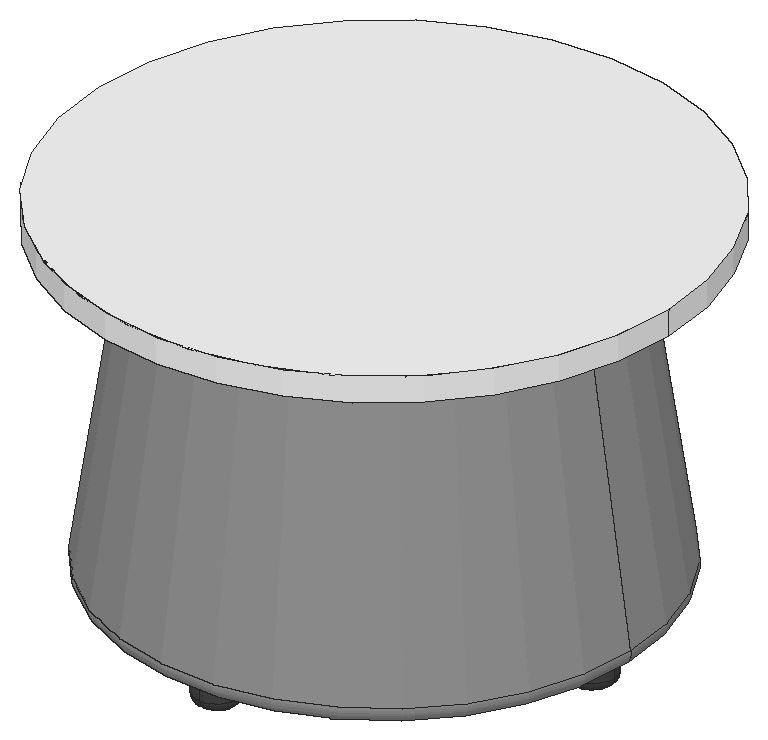
Revit family "LS35B", category Furniture, Revit 2019
Family settings
  OmniClass Number = 23.40.00.00
  OmniClass Title = Equipment and Furnishings
  Work Plane-Based = No
  Always vertical = Yes
  Cut with Voids When Loaded = No
  Shared = No
  Room Calculation Point = No
Parameters
  URL = "www.gof.co.uk"
  Top = Gresham - White MFC
  Range = "SOFT SEATING"
  Product Data Specification = ""
  Product Code = "LS35B"
  Product Brochure = ""
  Model = "BREAKOUT"
  Manufacturer = "Gresham Office Funiture"  # constant formula
  Feet = Gresham - Black Plastic
  Base = Gresham - Camira  Trail - HTL10
  Assembly Code = "E2020200"
Reference planes
  plane 1 "Center (Front/Back)": y = 0
  plane 2: z = 0
  plane 3 "Center (Left/Right)": x = 0
  plane 4 "Base": z = 25
  plane 5 "Foot": z = 25
  plane 6: z = 440
Forms (mm)
  Revolve 1, solid, material "Gresham - Black Plastic" <- "Feet"
    sketch origin (38.148, 0, 0) x (1, 0, 0) y (0, 0, -1)
      loop
        line (181.852, -25) -> (204.352, -25) -> (204.352, -10)
        arc (204.352, -10) -> (201.423, -2.929) -> (194.352, 0) r 10
        line (194.352, 0) -> (181.852, 0) -> (181.852, -25)
      axis (181.852, -25) -> (181.852, 0)
    angle from 0 to 360
  Revolve 2, solid, material "Gresham - Camira  Trail - HTL10" <- "Base"
    sketch origin (0, 0, 0) x (1, 0, 0) y (0, 0, 1)
      loop
        line (0, 353.557) -> (0, 25) -> (245.368, 25)
        arc (245.368, 25) -> (256.743, 30.221) -> (260.198, 42.25) r 15
        line (260.198, 42.25) -> (215, 340.1)
        arc (215, 340.1) -> (209.944, 349.494) -> (200.08, 353.557) r 15.853
        line (200.08, 353.557) -> (0, 353.557)
      axis (0, 25) -> (0, 353.557)
    angle from 0 to 360
  Revolve 3, solid, material "Gresham - Black Plastic" <- "Feet"
    sketch origin (-38.148, 0, 0) x (-1, 0, 0) y (0, 0, 1)
      loop
        line (181.852, 25) -> (181.852, 0) -> (194.352, 0)
        arc (194.352, 0) -> (201.423, 2.929) -> (204.352, 10) r 10
        line (204.352, 10) -> (204.352, 25) -> (181.852, 25)
      axis (181.852, 25) -> (181.852, 0)
    angle from 0 to 360
  Revolve 4, solid, material "Gresham - Black Plastic" <- "Feet"
    sketch origin (0, 38.148, 0) x (0, 1, 0) y (0, 0, 1)
      loop
        line (181.852, 25) -> (181.852, 0) -> (194.352, 0)
        arc (194.352, 0) -> (201.423, 2.929) -> (204.352, 10) r 10
        line (204.352, 10) -> (204.352, 25) -> (181.852, 25)
      axis (181.852, 25) -> (181.852, 0)
    angle from 0 to 360
  Revolve 5, solid, material "Gresham - Black Plastic" <- "Feet"
    sketch origin (0, -38.148, 0) x (0, -1, 0) y (0, 0, -1)
      loop
        line (181.852, -25) -> (204.352, -25) -> (204.352, -10)
        arc (204.352, -10) -> (201.423, -2.929) -> (194.352, 0) r 10
        line (194.352, 0) -> (181.852, 0) -> (181.852, -25)
      axis (181.852, -25) -> (181.852, 0)
    angle from 0 to 360
  Extrusion 6, solid, material "Gresham - White MFC" <- "Top"
    sketch origin (0, 0, 25) x (0, -1, 0) y (1, 0, 0)
      loop
        circle (0, 0) r 300
    from 328.557 to 353.557
Dimensions and locks
  level to plane 4 "Base" = 25 mm
  level to plane 5 "Foot" = 25 mm
  plane 6 to level = 440 mm
  aligned and locked: level to plane 2
  aligned and locked: plane 5 "Foot" to Revolve 1
  aligned and locked: Extrusion 6 to Revolve 2
